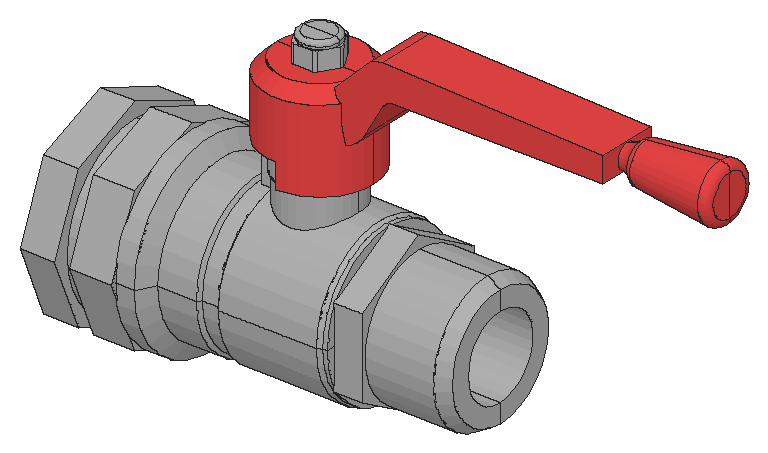
Revit family "QD39500000", category Apparecchi idraulici, Revit 2016
Family settings
  Tipo di parte = Normale
  Quota connettore circolare = Usa diametro
  Numero OmniClass = 23.45.00.00
  Titolo OmniClass = Sanitary, Laundry, and Cleaning Equipment
  Basato su piano di lavoro = No
  Sempre verticale = Sì
  Taglio con vuoti quando caricato = No
  Condiviso = No
  Punto di calcolo locali = No
Parameters
  URL = "https://web.cimberio.it/index.php/figura/275?subcategoria_id=43550"
  Produttore = "CIMBERIO SPA"
  Modello = "Cim 282"
  DN Model [instance] = QD39503169 : QD39503169
  DN [instance] = 20 mm
Reference planes
  plane 1 "Centro (Fronte/Retro)": y = 0
  plane 2: z = 0
  plane 3 "Centro (Sinistra/Destra)": x = 0
Dimensions and locks
  aligned and locked: level to plane 2
Nested families
  nested 1: "QD39503169" at (0, 0, 0), type <- "DN Model", type "QD39503169"
    with DN 10 mm
  nested 2: "QD39503169" at (0, 0, 0), type <- "DN Model", type "QD39503169"
    with DN 10 mm
  nested 3: "QD39503169" at (0, 0, 0), type <- "DN Model", type "QD39503169"
    with DN 10 mm
  nested 4: "QD39503169" at (0, 0, 0), type <- "DN Model", type "QD39503169"
    with DN 10 mm
  nested 5: "QD39503169" at (0, 0, 0), type <- "DN Model", type "QD39503169"
    with DN 10 mm
  nested 6: "QD39503169" at (0, 0, 0), type <- "DN Model", type "QD39503169"
    with DN 10 mm
  nested 7: "QD39503169" at (0, 0, 0), type <- "DN Model", type "QD39503169"
    with DN 10 mm
  nested 8: "QD39503169" at (0, 0, 0), type <- "DN Model", type "QD39503169"
    with DN 10 mm
  nested 9: "QD39503169" at (0, 0, 0), type <- "DN Model", type "QD39503169"
    with DN 10 mm
Connectors
  piping at (44.111, 0, 0), diameter 20, driven by "DN"
    settings: on nested 1, index 1, connector inside diameter 609.6 mm, connector length 0 mm, flow factor 0, pipe flow 0.0 L/s, pressure drop 0.0 Pa, fitting loss kfactor 0, connector angle 0.00°, fixture units 0, engagement length 0 mm, angle of deflection 0.00°, flow configuration 0, flow direction 0, fitting loss method 0, system type 7, joint type 0, gender type 0, connector reference index -1, connector utility 0, adjustable connector no, is connector primary yes, connector description ""
  piping at (-53.371, 0, 0), diameter 20, driven by "DN"
    settings: on nested 1, index 2, connector inside diameter 609.6 mm, connector length 0 mm, flow factor 0, pipe flow 0.0 L/s, pressure drop 0.0 Pa, fitting loss kfactor 0, connector angle 0.00°, fixture units 0, engagement length 0 mm, angle of deflection 0.00°, flow configuration 0, flow direction 0, fitting loss method 0, system type 7, joint type 0, gender type 0, connector reference index -1, connector utility 0, adjustable connector no, is connector primary no, connector description ""
Definition of nested family "QD39503169"
  Parameters (values of type "QD39503169")
    DN [instance] = 10 mm  # constant formula
  Reference planes
    plane 1 "Centro (Fronte/Retro)": y = 0
    plane 2: z = 0
    plane 3 "Centro (Sinistra/Destra)": x = 0
  Forms (mm)
    Revolve 1, solid
      sketch origin (0, 0, 0) x (1, 0, 0) y (0, 1, 0)
        loop
          line (-31, 10) -> (17.1, 10) -> (17.1, 19) -> (15.833, 19) -> (14.888, 19.5) -> (-9, 19.5) -> (-10, 18.5) -> (-13.882, 18.5) -> (-14.443, 19.5) -> (-24, 19.5) -> (-26.309, 23.5) -> (-31, 23.5) -> (-31, 10)
        axis (-31, 0) -> (17.1, 0)
      angle from 0 to 360
    Revolve 2, solid
      sketch origin (0, 0, 4) x (1, 0, 0) y (0, 0, 1)
        loop
          line (0.063, 27.3) -> (0.063, 11.623) -> (9.5, 11.623) -> (9.5, 21)
          arc (9.5, 21) -> (9.863, 21.294) -> (10, 21.742) r 0.8
          line (10, 21.742) -> (10, 27.3) -> (0.063, 27.3)
        axis (0.063, 11.623) -> (0.063, 27.3)
      angle from 0 to 360
    Extrusion 3, solid
      sketch origin (0, 0, 4) x (1, 0, 0) y (0, 0, 1)
        loop
          line (-15, 26.3) -> (-15, 22) -> (-13, 20.845) -> (-13, 10.345) -> (-7.86, 10.345) -> (-7.86, 26.3) -> (-15, 26.3)
      from -1.5 to 1.5
    Revolve 4, solid
      sketch origin (0, 0, 4) x (1, 0, 0) y (0, 0, 1)
        loop
          line (0, 30.531) -> (-6.985, 30.531) -> (-6.985, 27.3) -> (0, 27.3) -> (0, 30.531)
        axis (0, 30.531) -> (0, 27.3)
      angle from 0 to 360
    Revolve 5, solid
      sketch origin (0, 0, 4) x (1, 0, 0) y (0, 0, 1)
        loop
          line (0, 45.8) -> (-10.25, 45.8) -> (-13.25, 42.8) -> (-13.25, 22.8) -> (-7.25, 22.8) -> (-7.25, 38.318) -> (0, 38.318) -> (0, 45.8)
        axis (0, 45.8) -> (0, 22.8)
      angle from 0 to 360
    Revolve 6, solid
      sketch origin (0, 0, 4) x (1, 0, 0) y (0, 0, 1)
        loop
          line (0, 51.8) -> (0, 50.016) -> (4.75, 50.016) -> (4.75, 50.8)
          arc (4.75, 50.8) -> (4.457, 51.507) -> (3.75, 51.8) r 1
          line (3.75, 51.8) -> (0, 51.8)
        axis (0, 51.8) -> (0, 50.016)
      angle from 0 to 360
    Extrusion 7, solid
      sketch origin (0.002, 0, 32.55) x (0.559389, -0.828905, 0) y (0.828905, 0.559389, 0)
        loop
          line (5.501, 0.127) -> (3.472, 4.287)
          arc (3.472, 4.287) -> (3.145, 4.663) -> (2.674, 4.825) r 0.962
          line (2.674, 4.825) -> (-1.937, 5.147)
          arc (-1.937, 5.147) -> (-2.461, 5.045) -> (-2.864, 4.695) r 1.032
          line (-2.864, 4.695) -> (-5.424, 0.899)
          arc (-5.424, 0.899) -> (-5.599, 0.392) -> (-5.496, -0.136) r 1.038
          line (-5.496, -0.136) -> (-3.479, -4.272)
          arc (-3.479, -4.272) -> (-3.142, -4.659) -> (-2.657, -4.826) r 0.991
          line (-2.657, -4.826) -> (1.958, -5.149)
          arc (1.958, -5.149) -> (2.463, -5.05) -> (2.852, -4.713) r 0.994
          line (2.852, -4.713) -> (5.429, -0.891)
          arc (5.429, -0.891) -> (5.601, -0.392) -> (5.501, 0.127) r 1.021
      from 17.25 to 21.75
    Extrusion 8, void
      sketch origin (0, 0, 32.55) x (1, 0, 0) y (0, 1, 0)
        loop
          line (-8.5, 0) -> (-14.381, 0)
          arc (-14.381, 0) -> (-10.169, -10.169) -> (0, -14.381) r 14.381
          line (0, -14.381) -> (0, -8.5)
          arc (0, -8.5) -> (-6.01, -6.01) -> (-8.5, 0) r 8.5
      from -6.445 to 0.25
    Extrusion 9, solid
      sketch origin (0, 0, 0) x (1, 0, 0) y (0, 0, 1)
        loop
          line (9.489, 49.789) -> (12.171, 38.235)
          arc (12.171, 38.235) -> (14.899, 39.625) -> (16.907, 41.935) r 8.021
          line (16.907, 41.935) -> (21.6, 50.064)
          arc (21.6, 50.064) -> (22.506, 50.971) -> (23.741, 51.314) r 2.514
          line (23.741, 51.314) -> (75.001, 51.81) -> (75.001, 57.8) -> (21.145, 59.243)
          arc (21.145, 59.243) -> (19.162, 58.888) -> (17.48, 57.78) r 5
          line (17.48, 57.78) -> (9.489, 49.789)
      from -7.293 to 7.293
    Revolve 10, solid
      sketch origin (0, 0, 0) x (1, 0, 0) y (0, 0, 1)
        loop
          line (100, 54.8) -> (100, 59.811)
          arc (100, 59.811) -> (99.338, 61.298) -> (97.791, 61.8) r 2
          line (97.791, 61.8) -> (79.776, 59.883)
          arc (79.776, 59.883) -> (79.119, 59.694) -> (78.564, 59.294) r 1.983
          arc (78.564, 59.294) -> (76.935, 58.184) -> (75.001, 57.8) r 4.936
          line (75.001, 57.8) -> (75.001, 54.8) -> (100, 54.8)
        axis (100, 54.8) -> (75.001, 54.8)
      angle from 0 to 360
    Extrusion 11, solid
      sketch origin (-11, 0, 0) x (0, 0, 1) y (0, 1, 0)
        loop
          circle (0, 0) r 10
        loop
          line (24.7, 0) -> (17.466, 17.466) -> (0, 24.7) -> (-17.466, 17.466) -> (-24.7, 0) -> (-17.466, -17.466) -> (0, -24.7) -> (17.466, -17.466) -> (24.7, 0)
      from 20 to 30.089
    Extrusion 12, solid
      sketch origin (-11, 0, 0) x (0, 0, 1) y (0, 1, 0)
        loop
          circle (0, 0) r 10
        loop
          line (19.5, 0) -> (9.75, 16.887) -> (-9.75, 16.887) -> (-19.5, 0) -> (-9.75, -16.887) -> (9.75, -16.887) -> (19.5, 0)
      from -35.111 to -28.1
    Revolve 13, solid
      sketch origin (0, 0, 0) x (1, 0, 0) y (0, 0, 1)
        loop
          line (-44.953, 21) -> (-44.953, 10) -> (-41.089, 10) -> (-41.089, 21) -> (-44.953, 21)
        axis (-44.953, 0) -> (-41.089, 0)
      angle from 0 to 360
    Extrusion 14, solid
      sketch origin (-11, 0, 0) x (0, 0, 1) y (0, 1, 0)
        loop
          circle (0, 0) r 10
        loop
          line (24.5, 0) -> (17.324, 17.324) -> (0, 24.5) -> (-17.324, 17.324) -> (-24.5, 0) -> (-17.324, -17.324) -> (0, -24.5) -> (17.324, -17.324) -> (24.5, 0)
      from 33.871 to 42.371
    Revolve 15, solid
      sketch origin (0, 0, 0) x (1, 0, 0) y (0, 0, 1)
        loop
          line (24.111, 10) -> (44.111, 10) -> (44.111, 14.627) -> (40.911, 16.475) -> (24.111, 16.475) -> (24.111, 10)
        axis (44.111, 0) -> (24.111, 0)
      angle from 0 to 360
  Cuts and joins
    Extrusion 8 cuts Revolve 5
  Dimensions and locks
    aligned and locked: level to plane 2
